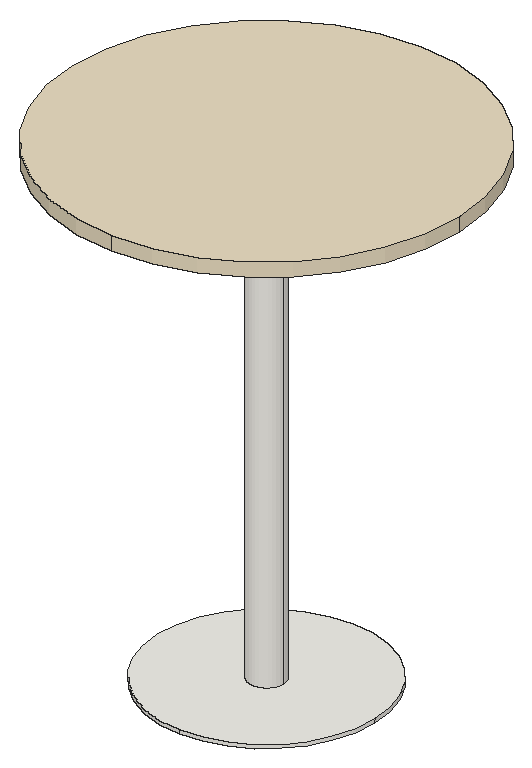
Revit family "FU_Table_Sandler_582A-MT", category Furniture, Revit 2020
Family settings
  OmniClass Number = 23.40.20.00
  OmniClass Title = General Furniture and Specialties
  Work Plane-Based = No
  Always vertical = Yes
  Cut with Voids When Loaded = No
  Shared = No
  Room Calculation Point = No
Parameters (values of type "582A MT - 36" Round Top (90cm)")
  Width = 505 mm
  URL = "https://www.sandlerseating.com/product/582a-mt/"
  Top Type = FU_TableTops_MT Rnd : 36" Round (90cm)
  Top Elevation = Height  # 1100 mm
  Top Finish [instance] = Wood - Beech - Honey Stained
  Model = "582A MT"
  Manufacturer = "Sandler"
  Height = 1100 mm
  Frame Finish [instance] = Metal - Paint -AL VR - Pure White
  Description = "Table base. Available in powdercoat painted finishes.\r\nOptional upcharge for outdoor version with galvanized-treated frame and adjustable feet."
  Depth = Width  # 505 mm
  Default Elevation = 0 mm
Types (4, lengths in mm): name | Top Type
  (no name) | FU_TableTops_MT Rnd : 36" Round (90cm)
  582A MT - 28" Square Top (70cm) | FU_TableTops_MT Sqr : 28" Square (70cm)
  582A MT - 32" Round Top (80cm) | FU_TableTops_MT Rnd : 32" Round (80cm)
  582A MT - 36" Round Top (90cm) | FU_TableTops_MT Rnd : 36" Round (90cm)
Reference planes
  plane 1 "Center (Front/Back)": y = 0
  plane 2: z = 0
  plane 3 "Center (Left/Right)": x = 0
  plane 4 "Right": x = -252.5
  plane 5 "Left": x = 252.5
  plane 6 "Back": y = 252.5
  plane 7 "Front": y = -252.5
  plane 8 "Height": z = 1100
  plane 9 "Top Support": z = 1080
  plane 10 "Glide Height": z = 6
  plane 11 "Base height": z = 14
  plane 12 "R Pad C": x = -236.5
  plane 13 "B Pad C": y = 236.5
  plane 14 "L Pad C": x = 236.5
  plane 15 "F Pad C": y = -236.5
Forms (mm)
  Extrusion 1, solid, material "Metal - Paint -AL VR - Pure White" <- "Frame Finish"
    sketch origin (0, 0, 6) x (-1, 0, 0) y (0, -1, 0)
      loop
        arc (252.5, 0) -> (178.544, 178.544) -> (0, 252.5) r 252.5
        arc (0, 252.5) -> (-178.544, 178.544) -> (-252.5, 0) r 252.5
        arc (-252.5, 0) -> (-178.544, -178.544) -> (0, -252.5) r 252.5
        arc (0, -252.5) -> (178.544, -178.544) -> (252.5, 0) r 252.5
    from 0 to 8
  Revolve 2, solid, material "Rubber, Black"
    sketch origin (0, 0, 0) x (1, 0, 0) y (0, 0, 1)
      loop
        line (-236.5, 0) -> (-236.5, 6) -> (-244.5, 6) -> (-244.5, 2)
        arc (-244.5, 2) -> (-243.914, 0.586) -> (-242.5, 0) r 2
        line (-242.5, 0) -> (-236.5, 0)
      axis (-236.5, 6) -> (-236.5, 0)
    angle from 0 to 360
  Revolve 3, solid, material "Rubber, Black"
    sketch origin (0, 0, 0) x (-1, 0, 0) y (0, 0, 1)
      loop
        line (-236.5, 0) -> (-236.5, 6) -> (-244.5, 6) -> (-244.5, 2)
        arc (-244.5, 2) -> (-243.914, 0.586) -> (-242.5, 0) r 2
        line (-242.5, 0) -> (-236.5, 0)
      axis (-236.5, 6) -> (-236.5, 0)
    angle from 0 to 360
  Revolve 4, solid, material "Rubber, Black"
    sketch origin (0, 0, 0) x (0, 1, 0) y (0, 0, 1)
      loop
        line (-236.5, 6) -> (-244.5, 6) -> (-244.5, 2)
        arc (-244.5, 2) -> (-243.914, 0.586) -> (-242.5, 0) r 2
        line (-242.5, 0) -> (-236.5, 0) -> (-236.5, 6)
      axis (-236.5, 6) -> (-236.5, 0)
    angle from 0 to 360
  Revolve 5, solid, material "Rubber, Black"
    sketch origin (0, 0, 0) x (0, -1, 0) y (0, 0, 1)
      loop
        line (-236.5, 6) -> (-244.5, 6) -> (-244.5, 2)
        arc (-244.5, 2) -> (-243.914, 0.586) -> (-242.5, 0) r 2
        line (-242.5, 0) -> (-236.5, 0) -> (-236.5, 6)
      axis (-236.5, 6) -> (-236.5, 0)
    angle from 0 to 360
  Extrusion 6, solid, material "Metal - Paint -AL VR - Pure White" <- "Frame Finish"
    sketch origin (0, 0, 6) x (-1, 0, 0) y (0, -1, 0)
      loop
        circle (0, 0) r 40
    from 0 to 1074
Dimensions and locks
  equal spacing: plane 4 "Right", plane 3 "Center (Left/Right)", plane 5 "Left"
  "Width": plane 4 "Right" to plane 5 "Left"
  equal spacing: plane 6 "Back", plane 1 "Center (Front/Back)", plane 7 "Front"
  "Depth": plane 6 "Back" to plane 7 "Front"
  "Height": plane 8 "Height" to level
  locked: plane 8 "Height" to plane 9 "Top Support" at 20
  locked: plane 4 "Right" to plane 12 "R Pad C" at 16
  plane 14 "L Pad C" to plane 5 "Left" = 16 mm
  locked: plane 6 "Back" to plane 13 "B Pad C" at 16
  locked: plane 15 "F Pad C" to plane 7 "Front" at 16
  aligned and locked: level to plane 2
  aligned and locked: plane 11 "Base height" to Extrusion 1
  aligned and locked: Extrusion 1 to plane 11 "Base height"  (x3)
  aligned and locked: plane 8 "Height" to nested 1
  aligned and locked: Extrusion 6 to plane 10 "Glide Height"
  aligned and locked: plane 9 "Top Support" to Extrusion 6
Automatic sketch dimensions
  Extrusion 1 sketch curve to Extrusion 1 sketch curve = 0 mm  (x12)
  plane 1 "Center (Front/Back)" to Extrusion 1 sketch curve = 0 mm
  Extrusion 1 sketch curve to plane 5 "Left" = 0 mm
  Extrusion 1 sketch curve to plane 3 "Center (Left/Right)" = 0 mm  (x3)
  Revolve 2 sketch curve to plane 10 "Glide Height" = 0 mm
  Revolve 2 sketch curve to level = 0 mm
  plane 12 "R Pad C" to Revolve 2 sketch curve = 0 mm  (x2)
  Revolve 2 sketch curve to Revolve 2 sketch curve = 6 mm
  Revolve 2 sketch curve to Revolve 2 sketch curve = 2 mm
  Revolve 2 sketch curve to level = 10.049 mm
  Revolve 2 sketch curve to plane 11 "Base height" = 2.095 mm
  Revolve 3 sketch curve to plane 10 "Glide Height" = 0 mm
  Revolve 3 sketch curve to level = 0 mm
  Revolve 3 sketch curve to plane 14 "L Pad C" = 0 mm  (x2)
  Revolve 3 sketch curve to Revolve 3 sketch curve = 6 mm
  Revolve 3 sketch curve to Revolve 3 sketch curve = 2 mm
  level to Revolve 3 sketch curve = 10.049 mm
  plane 11 "Base height" to Revolve 3 sketch curve = 2.095 mm
  Revolve 4 sketch curve to plane 10 "Glide Height" = 0 mm
  Revolve 4 sketch curve to level = 0 mm
  Revolve 4 sketch curve to plane 15 "F Pad C" = 0 mm  (x2)
  level to Revolve 4 sketch curve = 2 mm
  plane 15 "F Pad C" to Revolve 4 sketch curve = 6 mm
  Revolve 4 sketch curve to level = 5.787 mm
  Revolve 4 sketch curve to plane 11 "Base height" = 1.201 mm
  Revolve 5 sketch curve to plane 10 "Glide Height" = 0 mm
  Revolve 5 sketch curve to level = 0 mm
  Revolve 5 sketch curve to plane 13 "B Pad C" = 0 mm  (x2)
  Revolve 5 sketch curve to level = 2 mm
  Revolve 5 sketch curve to plane 13 "B Pad C" = 6 mm
  Revolve 5 sketch curve to Revolve 5 sketch curve = 5.787 mm
  plane 11 "Base height" to Revolve 5 sketch curve = 1.201 mm
  plane 1 "Center (Front/Back)" to Extrusion 6 sketch curve = 0 mm
  Extrusion 6 sketch curve to plane 3 "Center (Left/Right)" = 0 mm
  radius of Extrusion 6 sketch curve = 40 mm
Nested families
  nested 1: "MT Top Support" at (0, 0, 380), Frame Finish <- "Frame Finish", type "MT Top Support"
    with Frame Finish Metal - Paint -AL VR - Pure White
  nested 2: "FU_TableTops_MT Rnd" at (0, 0, 0), Top Elevation <- "Top Elevation", Top Finish <- "Top Finish", type <- "Top Type", type "36" Round (90cm)"
Definition of nested family "MT Top Support"
  Parameters (values of type "MT Top Support")
    Frame Finish [instance] = none
    Default Elevation = 0 mm
  Reference planes
    plane 1 "Center (Front/Back)": y = 0
    plane 2: z = 0
    plane 3 "Center (Left/Right)": x = 0
    plane 4 "Right": x = -210
    plane 5 "Left": x = 210
    plane 6 "Back": y = 210
    plane 7 "Front": y = -210
    plane 8 "Height": z = 720
    plane 9: z = 700
  Forms (mm)
    Extrusion 1, solid, material <- "Frame Finish"
      sketch origin (0, 0, 700) x (-1, 0, 0) y (0, -1, 0)
        loop
          line (48, 44.024) -> (119.736, 115.76)
          arc (119.736, 115.76) -> (116.918, 118.6) -> (114.032, 121.37) r 166.741
          line (114.032, 121.37) -> (40.38, 47.718) -> (-40.38, 47.718) -> (-114.032, 121.37)
          arc (-114.032, 121.37) -> (-116.918, 118.6) -> (-119.736, 115.76) r 166.741
          line (-119.736, 115.76) -> (-48, 44.024) -> (-48, -44.024) -> (-120.014, -116.038)
          arc (-120.014, -116.038) -> (-117.202, -118.884) -> (-114.323, -121.661) r 166.741
          line (-114.323, -121.661) -> (-40.944, -48.282) -> (40.944, -48.282) -> (114.323, -121.661)
          arc (114.323, -121.661) -> (117.202, -118.884) -> (120.014, -116.038) r 166.741
          line (120.014, -116.038) -> (48, -44.024) -> (48, 44.024)
      from 0 to 15
    Extrusion 2, solid, material <- "Frame Finish"
      sketch origin (0, 0, 720) x (-1, 0, 0) y (0, -1, 0)
        loop
          arc (48, 9.198) -> (50.194, 20.46) -> (56.455, 30.074) r 30
          line (56.455, 30.074) -> (155.027, 131.809)
          arc (155.027, 131.809) -> (157.282, 137.439) -> (154.939, 143.033) r 8
          line (154.939, 143.033) -> (142.122, 155.85)
          arc (142.122, 155.85) -> (136.465, 158.193) -> (130.808, 155.85) r 8
          line (130.808, 155.85) -> (32.027, 57.069)
          arc (32.027, 57.069) -> (22.294, 50.566) -> (10.814, 48.282) r 30
          line (10.814, 48.282) -> (-10.814, 48.282)
          arc (-10.814, 48.282) -> (-22.294, 50.566) -> (-32.027, 57.069) r 30
          line (-32.027, 57.069) -> (-130.808, 155.85)
          arc (-130.808, 155.85) -> (-136.465, 158.193) -> (-142.122, 155.85) r 8
          line (-142.122, 155.85) -> (-154.939, 143.033)
          arc (-154.939, 143.033) -> (-157.282, 137.439) -> (-155.027, 131.809) r 8
          line (-155.027, 131.809) -> (-56.455, 30.074)
          arc (-56.455, 30.074) -> (-50.194, 20.46) -> (-48, 9.198) r 30
          line (-48, 9.198) -> (-48, -9.198)
          arc (-48, -9.198) -> (-50.194, -20.46) -> (-56.455, -30.074) r 30
          line (-56.455, -30.074) -> (-155.027, -131.809)
          arc (-155.027, -131.809) -> (-157.282, -137.439) -> (-154.939, -143.033) r 8
          line (-154.939, -143.033) -> (-142.122, -155.85)
          arc (-142.122, -155.85) -> (-136.465, -158.193) -> (-130.808, -155.85) r 8
          line (-130.808, -155.85) -> (-32.027, -57.069)
          arc (-32.027, -57.069) -> (-22.294, -50.566) -> (-10.814, -48.282) r 30
          line (-10.814, -48.282) -> (10.814, -48.282)
          arc (10.814, -48.282) -> (22.294, -50.566) -> (32.027, -57.069) r 30
          line (32.027, -57.069) -> (130.808, -155.85)
          arc (130.808, -155.85) -> (136.465, -158.193) -> (142.122, -155.85) r 8
          line (142.122, -155.85) -> (154.939, -143.033)
          arc (154.939, -143.033) -> (157.282, -137.439) -> (155.027, -131.809) r 8
          line (155.027, -131.809) -> (56.455, -30.074)
          arc (56.455, -30.074) -> (50.194, -20.46) -> (48, -9.198) r 30
          line (48, -9.198) -> (48, 9.198)
        loop
          line (-134.399, -141.055) -> (-124.502, -131.158)
          arc (-124.502, -131.158) -> (-124.502, -125.502) -> (-130.158, -125.502) r 3.999
          line (-130.158, -125.502) -> (-140.055, -135.399)
          arc (-140.055, -135.399) -> (-140, -141.001) -> (-134.399, -141.055) r 4
        loop
          arc (134.399, -141.055) -> (140, -141.001) -> (140.055, -135.399) r 4
          line (140.055, -135.399) -> (130.158, -125.502)
          arc (130.158, -125.502) -> (124.502, -125.502) -> (124.502, -131.158) r 3.999
          line (124.502, -131.158) -> (134.399, -141.055)
        loop
          arc (-134.399, 141.055) -> (-140, 141.001) -> (-140.055, 135.399) r 4
          line (-140.055, 135.399) -> (-130.158, 125.502)
          arc (-130.158, 125.502) -> (-124.502, 125.502) -> (-124.502, 131.158) r 3.999
          line (-124.502, 131.158) -> (-134.399, 141.055)
        loop
          line (134.399, 141.055) -> (124.502, 131.158)
          arc (124.502, 131.158) -> (124.502, 125.502) -> (130.158, 125.502) r 3.999
          line (130.158, 125.502) -> (140.055, 135.399)
          arc (140.055, 135.399) -> (140, 141.001) -> (134.399, 141.055) r 4
        loop
          circle (0, 0) r 7.5
      from -10 to 0
  Dimensions and locks
    equal spacing: plane 4 "Right", plane 3 "Center (Left/Right)", plane 5 "Left"
    plane 4 "Right" to plane 5 "Left" = 420 mm
    equal spacing: plane 6 "Back", plane 1 "Center (Front/Back)", plane 7 "Front"
    plane 6 "Back" to plane 7 "Front" = 420 mm
    plane 8 "Height" to level = 720 mm
    locked: plane 8 "Height" to plane 9 at 20
    aligned and locked: level to plane 2
  Automatic sketch dimensions
    plane 1 "Center (Front/Back)" to Extrusion 2 sketch curve = 0 mm
    Extrusion 2 sketch curve to plane 3 "Center (Left/Right)" = 0 mm
    plane 3 "Center (Left/Right)" to Extrusion 2 sketch curve = 10.814 mm  (x2)
    Extrusion 2 sketch curve to Extrusion 2 sketch curve = 21.213 mm  (x4)
    plane 1 "Center (Front/Back)" to Extrusion 2 sketch curve = 9.198 mm  (x2)
    plane 3 "Center (Left/Right)" to Extrusion 2 sketch curve = 48 mm
    Extrusion 2 sketch curve to plane 1 "Center (Front/Back)" = 30.074 mm  (x2)
    Extrusion 2 sketch curve to Extrusion 2 sketch curve = 8.455 mm  (x4)
    plane 1 "Center (Front/Back)" to Extrusion 2 sketch curve = 30.074 mm  (x2)
    Extrusion 2 sketch curve to plane 1 "Center (Front/Back)" = 9.198 mm  (x2)
    plane 5 "Left" to Extrusion 2 sketch curve = 85.498 mm  (x2)
    Extrusion 2 sketch curve to Extrusion 2 sketch curve = 2.828 mm  (x12)
    Extrusion 2 sketch curve to Extrusion 2 sketch curve = 6.306 mm  (x4)
    Extrusion 2 sketch curve to Extrusion 2 sketch curve = 9.897 mm  (x8)
    Extrusion 2 sketch curve to Extrusion 2 sketch curve = 5.657 mm  (x16)
    Extrusion 2 sketch curve to Extrusion 2 sketch curve = 2.773 mm  (x8)
    Extrusion 2 sketch curve to Extrusion 2 sketch curve = 2.883 mm  (x4)
    Extrusion 2 sketch curve to Extrusion 2 sketch curve = 9.227 mm  (x4)
    Extrusion 2 sketch curve to Extrusion 2 sketch curve = 5.745 mm  (x4)
    Extrusion 2 sketch curve to plane 3 "Center (Left/Right)" = 10.814 mm  (x2)
    Extrusion 2 sketch curve to plane 3 "Center (Left/Right)" = 48 mm
    Extrusion 2 sketch curve to plane 1 "Center (Front/Back)" = 48.282 mm
    Extrusion 2 sketch curve to Extrusion 2 sketch curve = 8.787 mm  (x4)
    Extrusion 2 sketch curve to plane 6 "Back" = 84.498 mm  (x2)
    Extrusion 2 sketch curve to Extrusion 2 sketch curve = 6.307 mm  (x4)
    Extrusion 2 sketch curve to Extrusion 2 sketch curve = 5.567 mm  (x4)
    Extrusion 2 sketch curve to Extrusion 2 sketch curve = 9.138 mm  (x4)
    plane 1 "Center (Front/Back)" to Extrusion 2 sketch curve = 48.282 mm
    plane 7 "Front" to Extrusion 2 sketch curve = 84.498 mm  (x2)
    Extrusion 1 sketch curve to Extrusion 1 sketch curve = 0 mm  (x12)
    Extrusion 1 sketch curve to plane 3 "Center (Left/Right)" = 0 mm
    plane 3 "Center (Left/Right)" to Extrusion 1 sketch curve = 40.38 mm
    plane 3 "Center (Left/Right)" to Extrusion 1 sketch curve = 40.944 mm
    Extrusion 1 sketch curve to Extrusion 1 sketch curve = 7.056 mm  (x2)
    plane 5 "Left" to Extrusion 1 sketch curve = 95.968 mm
    plane 5 "Left" to Extrusion 1 sketch curve = 95.677 mm
    Extrusion 1 sketch curve to Extrusion 1 sketch curve = 5.704 mm  (x2)
    Extrusion 1 sketch curve to Extrusion 1 sketch curve = 5.691 mm  (x2)
    Extrusion 1 sketch curve to plane 3 "Center (Left/Right)" = 40.38 mm
    Extrusion 1 sketch curve to plane 3 "Center (Left/Right)" = 40.944 mm
    Extrusion 1 sketch curve to plane 6 "Back" = 88.339 mm  (x2)
    Extrusion 1 sketch curve to Extrusion 1 sketch curve = 5.623 mm
    Extrusion 1 sketch curve to plane 1 "Center (Front/Back)" = 48.282 mm
    Extrusion 1 sketch curve to Extrusion 1 sketch curve = 4.258 mm  (x2)
    plane 1 "Center (Front/Back)" to Extrusion 1 sketch curve = 44.024 mm  (x2)
    Extrusion 1 sketch curve to Extrusion 1 sketch curve = 3.693 mm
    plane 7 "Front" to Extrusion 1 sketch curve = 94.24 mm  (x2)
    Extrusion 1 sketch curve to plane 4 "Right" = 95.968 mm
    Extrusion 1 sketch curve to plane 4 "Right" = 95.677 mm
    Extrusion 2 sketch curve to plane 4 "Right" = 85.498 mm  (x2)
    radius of Extrusion 2 sketch curve = 7.5 mm
Definition of nested family "FU_TableTops_MT Rnd"
  Parameters (values of type "36" Round (90cm)")
    Width = 900 mm
    Top Finish [instance] = none
    Top Elevation [instance] = 1100 mm
    Depth = Width  # 900 mm
    Default Elevation = 0 mm
  Types (4, lengths in mm): name | Width | Depth
    24" Round (60cm) | 600 | 600
    28" Round (70cm) | 700 | 700
    32" Round (80cm) | 800 | 800
    36" Round (90cm) | 900 | 900
  Reference planes
    plane 1 "Center (Front/Back)": y = 0
    plane 2: z = 0
    plane 3 "Center (Left/Right)": x = 0
    plane 4 "Right": x = -450
    plane 5 "Left": x = 450
    plane 6 "Back": y = 450
    plane 7 "Front": y = -450
    plane 8 "Elevation": z = 1100
    plane 9 "Top Height": z = 1131.75
  Forms (mm)
    Extrusion 1, solid, material <- "Top Finish"
      sketch origin (0, 0, 1100) x (-1, 0, 0) y (0, -1, 0)
        loop
          arc (0, -450) -> (318.198, -318.198) -> (450, 0) r 450
          arc (450, 0) -> (318.198, 318.198) -> (0, 450) r 450
          arc (0, 450) -> (-318.198, 318.198) -> (-450, 0) r 450
          arc (-450, 0) -> (-318.198, -318.198) -> (0, -450) r 450
      from 0 to 31.75
  Dimensions and locks
    equal spacing: plane 4 "Right", plane 3 "Center (Left/Right)", plane 5 "Left"
    "Width": plane 4 "Right" to plane 5 "Left"
    equal spacing: plane 6 "Back", plane 1 "Center (Front/Back)", plane 7 "Front"
    "Depth": plane 6 "Back" to plane 7 "Front"
    "Top Elevation": plane 8 "Elevation" to level
    locked: plane 9 "Top Height" to plane 8 "Elevation" at 31.75
    aligned and locked: level to plane 2
    aligned and locked: plane 9 "Top Height" to Extrusion 1
  Automatic sketch dimensions
    Extrusion 1 sketch curve to Extrusion 1 sketch curve = 0 mm  (x7)
    plane 1 "Center (Front/Back)" to Extrusion 1 sketch curve = 0 mm  (x2)
    Extrusion 1 sketch curve to plane 5 "Left" = 0 mm
    Extrusion 1 sketch curve to plane 3 "Center (Left/Right)" = 0 mm  (x3)
    Extrusion 1 sketch curve to plane 6 "Back" = 0 mm
